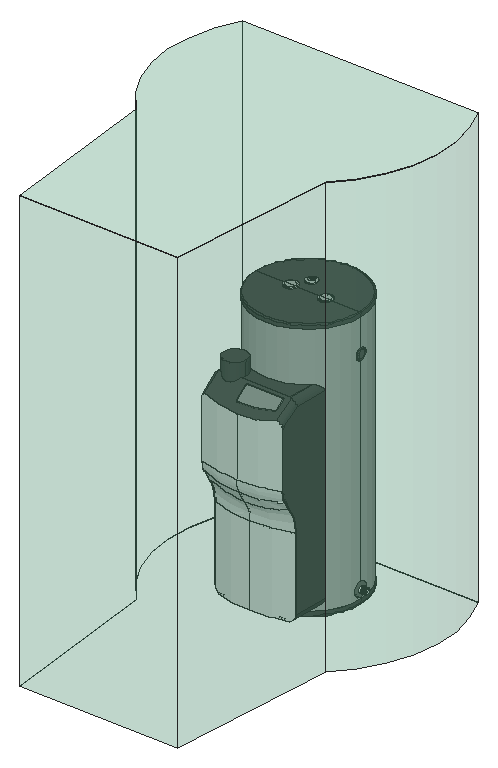
Revit family "Innovo GB_IR 20 160 GB NAT", category Mechanical Equipment, Revit 2015
Parameters (values of type "IR-20-160 GB NAT")
  Workspace Radius = Diameter + 170 mm  # 780 mm
  Workspace Height = Height + 1000 mm  # 2545 mm
  Workspace Front Distance = 1000 mm
  Working only during off-peak hour = no
  Width = Diameter  # 610 mm
  Workspace [instance] = yes
  Water heating energy efficiency class (2) = "-"
  Water heating energy efficiency class (1) = "A"  # constant formula
  Water heating energy efficiency (2) = "-"
  Water heating energy efficiency (1) = "92%"
  Warranty on tank = "36 months"  # constant formula
  Warranty on parts = "12 months"  # constant formula
  Voltage = 230 V  # constant formula
  Valve Height 02 = if(and(Height = 1745 mm, Diameter = 675 mm), 1518 mm, if(and(Height = 1745 mm, Diameter = 610 mm), 1534 mm, if(Height = 1545 mm, 1328 mm, 1070 mm)))  # 1328 mm
  Valve Height 01 = if(and(Diameter > 560 mm), 693 mm, 604 mm)  # 693 mm
  URL = "www.aosmith.co.uk"
  Type of Packaging = "Carton and Wood"  # constant formula
  Transport Weight = 136 kg
  Trade mark = "A.O. Smith"  # constant formula
  Thermostat temperature setting = 65 °C  # constant formula
  T&P Connection Rp = 1"
  Storage Capacity = 245.0 L
  Standard Set For = "G31"
  Stand-by Loss - daily (24h) = 0 W
  Stand-by Loss = 0 W
  Smart control = no
  Serial Number = "8717449286309"
  Seasonal Energy Efficiency Rating = [Energy Efficiency Rating (Hs, acc NEN-EN 89-1999)]  # 95
  Recovery Rate @ ΔT = 70°C = 380.0 L/s
  Recovery Rate @ ΔT = 55°C = 480.0 L/s
  Recovery Rate @ ΔT = 50°C = 530.0 L/s
  Recovery Rate @ ΔT = 44°C = 600.0 L/s
  Recovery Rate @ ΔT = 28°C = 960.0 L/s
  Product Instruction Link = ""
  Product Documentation Link = ""
  Precaustions during assembling, installation or maintenance = "see User, Installation, Service and Maintenance Manual"  # constant formula
  Power Consumption (peak) = 105 W
  Power Consumption (nominal) = 85 W
  Phase = 1
  Packaging Width = 786 mm  # constant formula
  Packaging Length = 946 mm  # constant formula
  Packaging Height = 1695 mm
  Other load profile = "-"
  Operating Weight = 381 kg
  Nominal Output = "30100"
  Nominal Heat Input (Net) = "29000"
  Nominal Heat Input (Gross) = "31500"
  Noice-level dB (A) = "<45"  # constant formula
  NOx Emissions mg/kWh = "103.0/37.0"
  NOx Emissions (air free, 0% O2) ppm = "63.0/23.0"
  Model identifier = "IR-32-245"
  Model = "IR-32-325 GB LP"
  Min. Setpoint = 40 °C  # constant formula
  Max. Setpoint = 85 °C  # constant formula
  Max. Operating Pressure = 800000.0 Pa
  Max. Flue Gas Outlet Temperature = 65 °C
  Manufacturer Number = "E 7110"  # constant formula
  Manufacturer = "A.O. Smith Water Products Company b.v."  # constant formula
  Maintenance Interval = "12 months"  # constant formula
  Load profile = "XXL"
  Length = 780 mm  # constant formula
  Insulation Thickness = 44 mm
  Installation Type = "B23/C13/C33/C43/C53/C63"  # constant formula
  Indoor sound power level = "58 dB"
  Hot / Warm Water Connection R = 1"
  Height Warm Water Outlet = 1545 mm
  Height Gas Connection = 920 mm
  Height Flue Outlet = 1345 mm
  Height Cold Water Inlet = 170 mm
  Height Air Inlet = 1345 mm
  Height = 1545 mm
  Heating Up Time @ ΔT = 70°C = "31"
  Heating Up Time @ ΔT = 55°C = "24"
  Heating Up Time @ ΔT = 50°C = "22"
  Heating Up Time @ ΔT = 44°C = "20"
  Heating Up Time @ ΔT = 28°C = "13"
  Gas Supply Pressure = 3700.0 Pa
  Gas Flow Rate - Volume ltr/hr = "n.a."
  Gas Flow Rate - Mass kg/h = "2.3"
  Gas Connection R = 15"  # constant formula
  Gas Category = "II2E3P"  # constant formula
  Frequency = 50 Hz  # constant formula
  Flue Diameter - water heater = "80/125 mm/mm"  # constant formula
  Flue Diameter - parallel system = "2x80"  # constant formula
  Flue Diameter - concentric system = "80/125 mm/mm"  # constant formula
  Energy Efficiency Rating (Hs, acc NEN-EN 89-1999) = 95
  Energy Efficiency Rating (Hi, acc NEN-EN 89-1999) = 106
  Empty Weight = 120 kg
  Draw-off Capacity @ ΔT = 70°C after 90 min. = 710.0 L
  Draw-off Capacity @ ΔT = 70°C after 60 min. = 490.0 L
  Draw-off Capacity @ ΔT = 70°C after 30 min. = 330.0 L
  Draw-off Capacity @ ΔT = 70°C after 120 min. = 900.0 L
  Draw-off Capacity @ ΔT = 55°C after 90 min. = 930.0 L
  Draw-off Capacity @ ΔT = 55°C after 60 min. = 690.0 L
  Draw-off Capacity @ ΔT = 55°C after 30 min. = 440.0 L
  Draw-off Capacity @ ΔT = 55°C after 120 min. = 1200.0 L
  Draw-off Capacity @ ΔT = 50°C after 90 min. = 1100.0 L
  Draw-off Capacity @ ΔT = 50°C after 60 min. = 760.0 L
  Draw-off Capacity @ ΔT = 50°C after 30 min. = 500.0 L
  Draw-off Capacity @ ΔT = 50°C after 120 min. = 1300.0 L
  Draw-off Capacity @ ΔT = 44°C after 90 min. = 1200.0 L
  Draw-off Capacity @ ΔT = 44°C after 60 min. = 870.0 L
  Draw-off Capacity @ ΔT = 44°C after 30 min. = 570.0 L
  Draw-off Capacity @ ΔT = 44°C after 120 min. = 1500.0 L
  Draw-off Capacity @ ΔT = 28°C after 90 min. = 1900.0 L
  Draw-off Capacity @ ΔT = 28°C after 60 min. = 1400.0 L
  Draw-off Capacity @ ΔT = 28°C after 30 min. = 930.0 L
  Draw-off Capacity @ ΔT = 28°C after 120 min. = 2400.0 L
  Drain Valve Connection Rp = 3/4"  # constant formula
  Diameter = 610 mm
  Destination / Country = "UK & Ireland"  # constant formula
  Description = "Condensing High Efficiency Storage Water Heater"  # constant formula
  Default Setpoint = 65 °C  # constant formula
  Created By = "http://www.cadcompany.nl/"
  Condens Discharge Connection = 40 mm  # constant formula
  Cold Water Connection R = 3/4"  # constant formula
  Co2 Emissions (tol. +/- 1.0) vol% = "10"
  CE-PIN = "0063CQ3037"  # constant formula
  BIM Content Developer = "CAD & Company"  # constant formula
  Assembly Code = "D3010"
  Annual fuel consumption (2) = "-"
  Annual fuel consumption (1) = "21 GJ GCV"
  Annual electricity consumption (2) = "-"
  Annual electricity consumption (1) = "44 kWh"
  APS Pressure < = 210.0 Pa
  2nd Maintenance (general maintenance) = "12 months after installation"  # constant formula
  1e Maintenance (check-up) = "3 months after installation"  # constant formula
Reference planes
  plane 1 "Center (Front/Back)": y = 0
  plane 2: z = 0
  plane 3 "Center (Left/Right)": x = 0
  plane 4 "Pipe": through (-383.901, 912.349, 194.799) normal (-0.0879, -0.0879, 0.9923)
  plane 5 "footing": y = 118.925
  plane 6 "footing front": y = -237.85
  plane 7: x = -305
  plane 8: x = 305
  plane 9: z = 1545
Forms (mm)
  Revolve 1, solid, material "RAL 9005", detail levels medium+fine
    sketch origin (0, -237.85, 0) x (-1, 0, 0) y (0, 0, 1)
      loop
        line (0, 28.9) -> (-15, 28.9) -> (-15, 26.4) -> (-8.671, 26.4) -> (-8.671, 18) -> (-5.686, 18) -> (-6.626, 17.06) -> (-6.626, 12.06) -> (-8.671, 12.06) -> (-8.671, 10) -> (-10.031, 10) -> (-23.271, 5.181)
        arc (-23.271, 5.181) -> (-23.763, 4.836) -> (-24.017, 4.293) r 1.159
        line (-24.017, 4.293) -> (-24.017, 1.03)
        arc (-24.017, 1.03) -> (-23.715, 0.302) -> (-22.986, 0) r 1.03
        line (-22.986, 0) -> (0, 0) -> (0, 28.9)
      axis (0, 28.9) -> (0, 0)
    angle from 0 to 360
  Revolve 2, solid, material "RAL 9005", detail levels medium+fine
    sketch origin (0, 118.925, 0) x (-1, 0, 0) y (0, 0, 1)
      loop
        line (-205.984, 28.9) -> (-220.984, 28.9) -> (-220.984, 26.4) -> (-214.655, 26.4) -> (-214.655, 18) -> (-211.67, 18) -> (-212.61, 17.06) -> (-212.61, 12.06) -> (-214.655, 12.06) -> (-214.655, 10) -> (-216.015, 10) -> (-229.256, 5.181)
        arc (-229.256, 5.181) -> (-229.747, 4.836) -> (-230.001, 4.293) r 1.159
        line (-230.001, 4.293) -> (-230.001, 1.03)
        arc (-230.001, 1.03) -> (-229.699, 0.302) -> (-228.971, 0) r 1.03
        line (-228.971, 0) -> (-205.984, 0) -> (-205.984, 28.9)
      axis (-205.984, 28.9) -> (-205.984, 0)
    angle from 0 to 360
  Revolve 3, solid, material "RAL 9005", detail levels medium+fine
    sketch origin (0, 118.925, 0) x (-1, 0, 0) y (0, 0, 1)
      loop
        line (204.016, 28.9) -> (189.016, 28.9) -> (189.016, 26.4) -> (195.345, 26.4) -> (195.345, 18) -> (198.33, 18) -> (197.39, 17.06) -> (197.39, 12.06) -> (195.345, 12.06) -> (195.345, 10) -> (193.985, 10) -> (180.744, 5.181)
        arc (180.744, 5.181) -> (180.253, 4.836) -> (179.999, 4.293) r 1.159
        line (179.999, 4.293) -> (179.999, 1.03)
        arc (179.999, 1.03) -> (180.301, 0.302) -> (181.029, 0) r 1.03
        line (181.029, 0) -> (204.016, 0) -> (204.016, 28.9)
      axis (204.016, 28.9) -> (204.016, 0)
    angle from 0 to 360
Lines and regions (mm)
  symbolic lines
    curve 1: line (0, 280.06, 0) -> (0, -280.06, 0)
    curve 2: line (-280.06, 0, 0) -> (280.06, 0, 0)
  symbolic lines, style "Workspace"
    curve 3: line (681.142, 380.06, 0) -> (-681.142, 380.06, 0)
    curve 4: arc (-681.142, 380.06, 0) -> (-771.826, -112.627, 0) -> (-544.132, -558.856, 0) r 780
    curve 5: line (-544.132, -558.856, 0) -> (-454.283, -1517.825, 0)
    curve 6: line (-454.283, -1517.825, 0) -> (456.53, -1517.825, 0)
    curve 7: line (456.53, -1517.825, 0) -> (546.343, -556.695, 0)
    curve 8: arc (546.343, -556.695, 0) -> (772.048, -111.097, 0) -> (681.142, 380.06, 0) r 780
Dimensions and locks
  plane 5 "footing" to plane 1 "Center (Front/Back)" = 118.925 mm
  plane 1 "Center (Front/Back)" to plane 6 "footing front" = 237.85 mm
  "Diameter": plane 7 to plane 8
  equal spacing: plane 7, plane 3 "Center (Left/Right)", plane 8
  "Height": plane 9 to plane 2
  "Workspace Front Distance": curve 6 to nested 3
  "Workspace Radius": radius of curve 4
  "Workspace Radius": radius of curve 8
  aligned and locked: level to plane 2
  aligned and locked: nested 3 to Revolve 1 sketch curve
  aligned and locked: plane 3 "Center (Left/Right)" to Revolve 1 sketch curve
  aligned and locked: nested 3 to plane 1 "Center (Front/Back)"
  aligned and locked: plane 3 "Center (Left/Right)" to nested 3
  aligned and locked: nested 1 to plane 8
  aligned and locked: nested 5 to plane 8
  aligned and locked: nested 2 to plane 7
  aligned and locked: nested 4 to plane 7
  aligned and locked: nested 7 to plane 7
  aligned and locked: nested 8 to plane 3 "Center (Left/Right)"
  aligned and locked: plane 1 "Center (Front/Back)" to nested 8
  aligned and locked: nested 8 to nested 3
  aligned and locked: curve 5 to nested 8
  aligned and locked: curve 7 to nested 8
  aligned and locked: curve 3 to nested 8
Automatic sketch dimensions
  Revolve 1 sketch curve to level = 0 mm
  plane 3 "Center (Left/Right)" to Revolve 1 sketch curve = 5.686 mm
  Revolve 1 sketch curve to Revolve 1 sketch curve = 0.94 mm  (x2)
  Revolve 1 sketch curve to Revolve 1 sketch curve = 2.046 mm  (x2)
  Revolve 1 sketch curve to Revolve 1 sketch curve = 1.359 mm
  Revolve 1 sketch curve to Revolve 1 sketch curve = 6.329 mm
  level to Revolve 1 sketch curve = 4.091 mm
  Revolve 1 sketch curve to Revolve 1 sketch curve = 12.844 mm
  level to Revolve 1 sketch curve = 1.03 mm
  Revolve 1 sketch curve to Revolve 1 sketch curve = 0.111 mm
  level to Revolve 1 sketch curve = 5.181 mm
  Revolve 1 sketch curve to Revolve 1 sketch curve = 0.745 mm
  level to Revolve 1 sketch curve = 10 mm
  Revolve 1 sketch curve to Revolve 1 sketch curve = 2.06 mm
  Revolve 1 sketch curve to Revolve 1 sketch curve = 5 mm
  Revolve 1 sketch curve to Revolve 1 sketch curve = 8.4 mm
  Revolve 1 sketch curve to Revolve 1 sketch curve = 2.5 mm
  Revolve 1 sketch curve to level = 19.635 mm
  Revolve 1 sketch curve to Revolve 1 sketch curve = 46.465 mm
  Revolve 2 sketch curve to level = 0 mm
  level to Revolve 2 sketch curve = 1.03 mm
  Revolve 2 sketch curve to plane 8 = 74.999 mm
  level to Revolve 2 sketch curve = 5.181 mm
  Revolve 2 sketch curve to Revolve 2 sketch curve = 0.745 mm
  Revolve 2 sketch curve to Revolve 2 sketch curve = 0.397 mm
  Revolve 2 sketch curve to Revolve 2 sketch curve = 8.271 mm
  Revolve 2 sketch curve to Revolve 2 sketch curve = 13.241 mm
  Revolve 2 sketch curve to Revolve 2 sketch curve = 1.359 mm
  Revolve 2 sketch curve to Revolve 2 sketch curve = 6.329 mm
  Revolve 2 sketch curve to Revolve 2 sketch curve = 2.046 mm
  level to Revolve 2 sketch curve = 18 mm
  Revolve 2 sketch curve to Revolve 2 sketch curve = 0.94 mm  (x2)
  Revolve 2 sketch curve to Revolve 2 sketch curve = 8.671 mm
  Revolve 2 sketch curve to Revolve 2 sketch curve = 1.089 mm
  Revolve 2 sketch curve to Revolve 2 sketch curve = 8 mm
  Revolve 2 sketch curve to Revolve 2 sketch curve = 2.06 mm
  Revolve 2 sketch curve to Revolve 2 sketch curve = 8.4 mm
  Revolve 2 sketch curve to Revolve 2 sketch curve = 2.5 mm
  Revolve 2 sketch curve to Revolve 2 sketch curve = 0 mm
  Revolve 2 sketch curve to level = 19.635 mm
  Revolve 2 sketch curve to Revolve 2 sketch curve = 46.465 mm
  Revolve 3 sketch curve to level = 0 mm
  level to Revolve 3 sketch curve = 1.03 mm
  Revolve 3 sketch curve to plane 7 = 125.001 mm
  level to Revolve 3 sketch curve = 5.181 mm
  Revolve 3 sketch curve to Revolve 3 sketch curve = 0.745 mm
  Revolve 3 sketch curve to Revolve 3 sketch curve = 0.397 mm
  Revolve 3 sketch curve to Revolve 3 sketch curve = 8.271 mm
  Revolve 3 sketch curve to Revolve 3 sketch curve = 13.241 mm
  Revolve 3 sketch curve to Revolve 3 sketch curve = 1.359 mm
  Revolve 3 sketch curve to Revolve 3 sketch curve = 6.329 mm
  Revolve 3 sketch curve to Revolve 3 sketch curve = 2.046 mm
  level to Revolve 3 sketch curve = 18 mm
  Revolve 3 sketch curve to Revolve 3 sketch curve = 0.94 mm  (x2)
  Revolve 3 sketch curve to Revolve 3 sketch curve = 8.671 mm
  Revolve 3 sketch curve to Revolve 3 sketch curve = 1.089 mm
  Revolve 3 sketch curve to Revolve 3 sketch curve = 8 mm
  Revolve 3 sketch curve to Revolve 3 sketch curve = 2.06 mm
  Revolve 3 sketch curve to Revolve 3 sketch curve = 8.4 mm
  Revolve 3 sketch curve to Revolve 3 sketch curve = 2.5 mm
  Revolve 3 sketch curve to Revolve 3 sketch curve = 0 mm
  Revolve 3 sketch curve to level = 19.635 mm
  Revolve 3 sketch curve to Revolve 3 sketch curve = 46.465 mm
  curve 4 to curve 8 = 0 mm  (x2)
  plane 1 "Center (Front/Back)" to curve 2 = 0 mm
  curve 1 to plane 3 "Center (Left/Right)" = 0 mm
  plane 1 "Center (Front/Back)" to curve 4 = 0 mm
  curve 4 to plane 3 "Center (Left/Right)" = 0 mm
  curve 2 to plane 7 = 24.94 mm
  curve 2 to plane 8 = 24.94 mm
  curve 1 to plane 6 "footing front" = 42.21 mm
  plane 5 "footing" to curve 1 = 161.135 mm
Nested families
  nested 1: "Valve" at (305, -0.38, 1328) x (0, 1, 0) z (0, 0, 1), built-in parameter 1001364 <- "Valve Height 02", type "Valve"
  nested 2: "Drain Valve" at (-305, 0, 1328), built-in parameter 1001364 <- "Valve Height 02", type "Drain Valve"
  nested 3: "Housing Mother Housing S 57 (external)" at (0, -299.886, 0), type "Housing Mother_Housing S_57"
    with radius 305 mm, distance to boiler center 154 mm, diameter 610 mm
  nested 4: "Drain Valve" at (-305, 0, 177), type "Drain Valve"
  nested 5: "Drain Valve" at (305, 0, 107) x (-1, 0, 0) z (0, 0, 1), type "Drain Valve"
  nested 6: "Boiler" at (0, 0, 0), height <- "Height", type "Boiler"
    with height 1545 mm, radius 305 mm, Diameter 610 mm
  nested 7: "Drain Valve" at (-305, 0, 693), built-in parameter 1001364 <- "Valve Height 01", type "Drain Valve"
  nested 8: "Innovo_workspace" at (0, 0, 0), Workspace <- "Workspace", Workspace Distance Front <- "Workspace Front Distance", Workspace Height <- "Workspace Height", Workspace Radius <- "Workspace Radius", type "Workspace"
    with Workspace Radius 780 mm, Workspace Height 2545 mm, Workspace Distance Front 1000 mm, Workspace yes, Center to Front 517.825 mm
Connectors
  piping at (339.826, 0, 107), diameter 19.05, driven by "Drain Valve Connection Rp"
    settings: on nested 5, index 1, connector inside diameter 24", connector length 0 mm, flow factor 0, pipe flow 0.0 L/s, pressure drop 0.0 Pa, fitting loss kfactor 0, connector angle 0.00°, fixture units 0, engagement length 0 mm, angle of deflection 0.00°, flow configuration 0, flow direction 0, fitting loss method 0, system type 19, joint type 0, gender type 0, connector reference index -1, connector utility 0, adjustable connector no, is connector primary yes, connector description ""
  hvac at (-147.013, -346.326, 1310.674)
    settings: on nested 3, index 2, duct flow 0.0 L/s, flow factor 0, pres drop 0.0 Pa, loss coef 0, conn angle 0.00°, conn width 304.8 mm, conn height 304.8 mm, conn diameter 125 mm, duct sys type 4, conn prof type 0, flow config 0, flow direction 0, loss method 0, conn ref index -1, conn util no, is conn primary yes, conn desc ""
Definition of nested family "Valve"
  Parameters (values of type "Valve")
    Type Comments = "T&P valve (internal)"
    Manufacturer = "A.O. Smith"
  Reference planes
    plane 1 "Center (Front/Back)": y = 0
    plane 2: z = 0
    plane 3 "Center (Left/Right)": x = 0
  Forms (mm)
    Extrusion 1, solid, detail levels fine
      sketch origin (0, 0, 0) x (1, 0, 0) y (0, 0, 1)
        loop
          circle (0, 0) r 31.5
      from -2.271 to 1.4
    Sweep 2, solid, detail levels fine
      path origin (0, -1.4, 0) x (1, 0, 0) y (0, 0, 1)
        loop
          circle (0, 0) r 31.5
      profile origin (0, -1.4, 31.5) x (0, 0, -1) y (0, -1, 0)
        loop
          line (7.3, 0) -> (7.3, 3) -> (0, 0) -> (7.3, 0)
  Dimensions and locks
    aligned and locked: level to plane 2
Definition of nested family "Drain Valve"
  Reference planes
    plane 1 "Center (Front/Back)": y = 0
    plane 2: z = 0
    plane 3 "Center (Left/Right)": x = 0
  Forms (mm)
    Revolve 1, solid, detail levels medium+fine
      sketch origin (0, 0, 0) x (1, 0, 0) y (0, 0, 1)
        loop
          line (-33.442, 15.696) -> (-34.826, 14.329) -> (-34.93, 12.731) -> (-16.555, 12.731) -> (-16.555, 0) -> (15.787, 0) -> (15.787, 18.3) -> (-14.4, 18.3) -> (-17.148, 15.533) -> (-18.729, 16.697) -> (-20.091, 15.333) -> (-21.672, 16.496) -> (-23.034, 15.133) -> (-24.614, 16.296) -> (-25.976, 14.932) -> (-27.557, 16.096) -> (-28.919, 14.732) -> (-30.5, 15.896) -> (-31.862, 14.532) -> (-33.442, 15.696)
        axis (-34.93, 0) -> (15.787, 0)
      angle from 0 to 360
  Dimensions and locks
    aligned and locked: level to plane 2
  Nested families
    nested 1: "Rubber sealing" at (2.592, -0.155, 0) x (0.0023, -1, 0) z (0, 0, 1), type "Rubber sealing", detail levels fine
  Definition of nested family "Rubber sealing"
    Reference planes
      plane 1 "Center (Front/Back)": y = 0
      plane 2: z = 0
      plane 3 "Center (Left/Right)": x = 0
    Forms (mm)
      Extrusion 1, solid, detail levels fine
        sketch origin (141.861, 319.581, 0) x (1, 0, 0) y (0, 1, 0)
          loop
            line (-216.354, -311.898) -> (-216.354, -313.94)
            arc (-216.354, -313.94) -> (-141.602, -321.581) -> (-66.861, -313.835) r 366.966
            line (-66.861, -313.835) -> (-66.861, -311.791)
            arc (-66.861, -311.791) -> (-141.602, -319.581) -> (-216.354, -311.898) r 364.966
        from -80 to 80
      Extrusion 2, void
        sketch origin (141.861, 319.581, 0) x (1, 0, 0) y (0, 0, 1)
          loop
            circle (-141.861, 0) r 13
          loop
            circle (-141.861, 0) r 110
          loop
            circle (-141.861, 0) r 40
        from 311.563 to 332.684
      Extrusion 3, void
        sketch origin (141.861, 319.581, 0) x (1, 0, 0) y (0, 0, 1)
          loop
            circle (-141.861, 0) r 18.25
        from 315.524 to 326.084
    Cuts and joins
      Extrusion 2, Extrusion 3 cuts Extrusion 1
    Dimensions and locks
      aligned and locked: level to plane 2
Definition of nested family "Housing Mother Housing S 57 (external)"
  Parameters (values of type "Housing Mother_Housing S_57")
    radius [instance] = 280 mm
    distance to boiler center = if(diameter = 675 mm, 189 mm, if(diameter = 610 mm, 154 mm, 129 mm))  # 129 mm
    diameter = 560 mm
  Reference planes
    plane 1 "Center (Front/Back)": y = 0
    plane 2: z = 0
    plane 3 "Center (Left/Right)": x = 0
    plane 4 "left": through (-245.286, 145.886, 1200) normal (0.9994, 0.0349, 0)
    plane 5: y = -217.939
    plane 6: y = 145.886
    plane 7: z = 1232.6
    plane 8: z = 65.89
    plane 9 "right": through (245.286, 145.886, 1200) normal (0.9994, -0.0349, 0)
    plane 10 "display": through (0, -90.37, 1221.196) normal (0, -0.5736, 0.8192)
    plane 11 "Potentiostat": z = 867.899
    plane 12 "boiler center": y = 274.886
    plane 13: x = -280
    plane 14: x = 280
  Forms (mm)
    Extrusion 1, solid
      sketch origin (0, 0, 0) x (1, 0, 0) y (0, 1, 0)
        loop
          line (-245.286, 145.886) -> (-232.581, -217.939) -> (232.581, -217.939) -> (245.286, 145.886)
          arc (245.286, 145.886) -> (0, 0.923) -> (-245.286, 145.886) r 280
      from 0 to 1232.6
    Sweep 2, void
      path origin (0, 0, 0) x (0, 1, 0) y (0, 0, 1)
        loop
          line (-217.939, 1232.6) -> (-217.939, 795.555)
          arc (-217.939, 795.555) -> (-212.387, 754.285) -> (-197.694, 715.322) r 183.924
          arc (-197.694, 715.322) -> (-179.915, 684.628) -> (-159.106, 655.901) r 348.284
          arc (-159.106, 655.901) -> (-131.411, 600.328) -> (-121.88, 538.973) r 202.254
          line (-121.88, 538.973) -> (-121.88, 61.106)
      profile origin (0, -217.939, 1014.077) x (1, 0, 0) y (0, 1, 0)
        loop
          arc (0, 0) -> (-117.533, 9.941) -> (-231.728, 39.475) r 699.984
          arc (-231.728, 39.475) -> (-233.391, 40.705) -> (-234.07, 42.659) r 3.505
          line (-234.07, 42.659) -> (-254.062, 42.659) -> (-254.062, -142.593) -> (254.07, -142.593) -> (254.07, 42.659) -> (234.07, 42.659)
          arc (234.07, 42.659) -> (233.391, 40.705) -> (231.728, 39.475) r 3.505
          arc (231.728, 39.475) -> (117.533, 9.941) -> (0, 0) r 699.984
    Extrusion 3, void
      sketch origin (0, 0, 0) x (0, 1, 0) y (0, 0, 1)
        loop
          arc (102.864, 70.869) -> (99.804, 70.709) -> (96.874, 69.813) r 12.57
          arc (96.874, 69.813) -> (87.878, 66.533) -> (78.516, 64.529) r 69.114
          arc (78.516, 64.529) -> (76.41, 64.284) -> (74.294, 64.148) r 41.206
          arc (74.294, 64.148) -> (65.203, 64.335) -> (56.122, 64.782) r 318.661
          arc (56.122, 64.782) -> (30.585, 66.179) -> (5.028, 67.128) r 1456.581
          line (5.028, 67.128) -> (-84.534, 73.135)
          arc (-84.534, 73.135) -> (-86.363, 73.808) -> (-87.536, 75.365) r 3.455
          line (-87.536, 75.365) -> (-264.473, 75.365) -> (-264.473, 0) -> (160.886, 0) -> (160.886, 103.945) -> (145.886, 103.945)
          arc (145.886, 103.945) -> (145.104, 97.827) -> (142.923, 92.059) r 26.364
          arc (142.923, 92.059) -> (141.067, 88.936) -> (138.867, 86.045) r 31.715
          arc (138.867, 86.045) -> (135.576, 82.49) -> (132.021, 79.2) r 62.615
          arc (132.021, 79.2) -> (125.841, 74.697) -> (119.091, 71.103) r 54.444
          arc (119.091, 71.103) -> (116.371, 70.272) -> (113.531, 70.123) r 11.669
          line (113.531, 70.123) -> (102.864, 70.869)
      from -254.062 to 254.07
    Sweep 4, void
      path origin (0, 0, 0) x (1, 0, 0) y (0, 1, 0)
        loop
          line (-245.286, 145.886) -> (-232.581, -217.939)
      profile origin (-238.933, -36.027, 0) x (0.999391, 0.034899, 0) y (0, 0, 1)
        loop
          line (-4.454, 0) -> (47.084, 0) -> (47.084, 73.431)
          arc (47.084, 73.431) -> (14.222, 85.134) -> (0.255, 117.1) r 43.922
          line (0.255, 117.1) -> (-4.454, 117.1) -> (-4.454, 0)
    Sweep 5, void
      path origin (0, 0, 0) x (-1, 0, 0) y (0, 1, 0)
        loop
          line (-245.286, 145.886) -> (-232.581, -217.939)
      profile origin (238.933, -36.027, 0) x (0.999391, -0.034899, 0) y (0, 0, 1)
        loop
          line (4.454, 0) -> (4.454, 117.1) -> (-0.255, 117.1)
          arc (-0.255, 117.1) -> (-14.222, 85.134) -> (-47.084, 73.431) r 43.922
          line (-47.084, 73.431) -> (-47.084, 0) -> (4.454, 0)
    Sweep 6, void
      path origin (-239.899, -8.377, 0) x (-0.034899, 0.999391, 0) y (0, 0, 1)
        loop
          line (-209.69, 1141.272) -> (-79.18, 1232.6) -> (154.358, 1232.6)
      profile origin (-241.211, 29.188, 1232.6) x (0, 0, 1) y (0.999391, 0.034899, 0)
        loop
          line (-45, -30) -> (75, -30) -> (75, 0) -> (75, 55) -> (2.799, 55) -> (-1.253, 35.128)
          arc (-1.253, 35.128) -> (-16.771, 9.564) -> (-45, -0.308) r 44.287
          line (-45, -0.308) -> (-45, -30)
    Sweep 7, void
      path origin (239.899, -8.377, 0) x (0.034899, 0.999391, 0) y (0, 0, 1)
        loop
          line (-209.69, 1141.272) -> (-79.18, 1232.6) -> (154.358, 1232.6)
      profile origin (241.211, 29.188, 1232.6) x (0, 0, -1) y (-0.999391, 0.034899, 0)
        loop
          line (-75, -25) -> (45, -25) -> (45, -0.308)
          arc (45, -0.308) -> (16.771, 9.564) -> (1.253, 35.128) r 44.287
          line (1.253, 35.128) -> (-2.799, 55) -> (-75, 55) -> (-75, -25)
    Extrusion 8, void
      sketch origin (0, 0, 0) x (0, 1, 0) y (0, 0, 1)
        loop
          line (-270, 1336.099) -> (-270, 1099.081) -> (68.497, 1336.099) -> (-270, 1336.099)
      from -425.038 to 444.42
    Extrusion 9, solid, detail levels medium+fine
      sketch origin (0, 0, 0) x (1, 0, 0) y (0, 1, 0)
        loop
          circle (-147.013, -46.44) r 65
      from 1163.174 to 1310.674
    Extrusion 10, void
      sketch origin (0, -603.506, 861.895) x (0, 0.819152, 0.573576) y (-1, 0, 0)
        loop
          arc (618.322, -173) -> (623.272, -170.95) -> (625.322, -166) r 7
          line (625.322, -166) -> (625.322, 35)
          arc (625.322, 35) -> (623.272, 39.95) -> (618.322, 42) r 7
          line (618.322, 42) -> (535.473, 42)
          arc (535.473, 42) -> (530.688, 40.11) -> (528.488, 35.46) r 7
          arc (528.488, 35.46) -> (531.569, -67.592) -> (554.18, -168.18) r 540
          arc (554.18, -168.18) -> (556.724, -171.668) -> (560.831, -173) r 7
          line (560.831, -173) -> (618.322, -173)
      from 0 to 137.286
    Sweep 11, solid, detail levels fine
      path origin (0, 0, 867.899) x (-1, 0, 0) y (0, -1, 0)
        loop
          line (309.749, -35.617) -> (204.371, -35.617)
          arc (204.371, -35.617) -> (196.509, -34.687) -> (189.082, -31.947) r 33.677
          line (189.082, -31.947) -> (-9.574, 69.274)
      profile origin (-257.06, 35.617, 867.899) x (0, 1, 0) y (0, 0, 1)
        loop
          circle (0, 0) r 7.316
        loop
          circle (0, 0) r 6.465
    Revolve 12, void
      sketch origin (0, 274.886, 0) x (-1, 0, 0) y (0, 0, 1)
        loop
          line (280, 1243.838) -> (0, 1243.838) -> (0, 54.9) -> (280, 54.9) -> (280, 1243.838)
        axis (0, 1243.838) -> (0, 54.9)
      angle from 0 to 360
  Cuts and joins
    Sweep 2, Extrusion 3, Sweep 4, Sweep 5, Sweep 6, Sweep 7, Extrusion 8, Extrusion 10, Revolve 12 cuts Extrusion 1
  Dimensions and locks
    plane 8 to plane 2 = 65.89 mm
    plane 7 to plane 8 = 1166.71 mm
    "distance to boiler center": plane 12 "boiler center" to plane 6
    "diameter": plane 14 to plane 13
    equal spacing: plane 14, plane 3 "Center (Left/Right)", plane 13
    "radius": plane 3 "Center (Left/Right)" to plane 13
    aligned and locked: level to plane 2
    aligned and locked: Extrusion 1 to plane 7
    aligned and locked: Extrusion 1 sketch curve to plane 5
    aligned and locked: Sweep 2 to Extrusion 3
    aligned and locked: Extrusion 3 to Sweep 2  (x2)
    aligned and locked: plane 7 to Sweep 2 sketch curve
    aligned and locked: plane 3 "Center (Left/Right)" to Revolve 12 sketch curve
    aligned and locked: Revolve 12 sketch curve to plane 3 "Center (Left/Right)"
    aligned and locked: plane 13 to Revolve 12 sketch curve
  Automatic sketch dimensions
    Extrusion 1 sketch curve to plane 4 "left" = 0 mm  (x2)
    Extrusion 1 sketch curve to plane 6 = 0 mm  (x2)
    Extrusion 1 sketch curve to plane 3 "Center (Left/Right)" = 0 mm
    Extrusion 1 sketch curve to plane 9 "right" = 0 mm
    plane 6 to Extrusion 1 sketch curve = 135.037 mm
    Sweep 2 sketch curve to plane 5 = 0 mm
    plane 5 to Sweep 2 sketch curve = 106.195 mm
    Sweep 2 sketch curve to plane 5 = 96.059 mm
    plane 1 "Center (Front/Back)" to Sweep 2 sketch curve = 34.053 mm
    plane 11 "Potentiostat" to Sweep 2 sketch curve = 6.417 mm
    Sweep 2 sketch curve to plane 6 = 33.705 mm
    Sweep 2 sketch curve to plane 11 "Potentiostat" = 68.615 mm
    Sweep 2 sketch curve to plane 11 "Potentiostat" = 72.345 mm
    Sweep 2 sketch curve to Sweep 2 sketch curve = 176.349 mm
    Sweep 2 sketch curve to Sweep 2 sketch curve = 0 mm  (x2)
    plane 8 to Sweep 2 sketch curve = 4.784 mm
    Extrusion 3 sketch curve to level = 0 mm
    Extrusion 3 sketch curve to plane 6 = 0 mm
    Extrusion 3 sketch curve to plane 6 = 26.363 mm
    Extrusion 3 sketch curve to Extrusion 3 sketch curve = 4.75 mm
    Extrusion 3 sketch curve to Extrusion 3 sketch curve = 5.179 mm
    Extrusion 3 sketch curve to plane 8 = 4.232 mm
    Extrusion 3 sketch curve to Extrusion 3 sketch curve = 0.814 mm
    Extrusion 3 sketch curve to plane 8 = 4.978 mm
    Extrusion 3 sketch curve to Extrusion 3 sketch curve = 10.667 mm
    Extrusion 3 sketch curve to Extrusion 3 sketch curve = 0.877 mm
    Extrusion 3 sketch curve to Extrusion 3 sketch curve = 17.827 mm
    Extrusion 3 sketch curve to Extrusion 3 sketch curve = 5.646 mm
    Extrusion 3 sketch curve to plane 6 = 69.562 mm
    Extrusion 3 sketch curve to Extrusion 3 sketch curve = 18.6 mm
    Extrusion 3 sketch curve to Extrusion 3 sketch curve = 22.538 mm
    Extrusion 3 sketch curve to plane 8 = 1.238 mm
    Extrusion 3 sketch curve to plane 1 "Center (Front/Back)" = 5.028 mm
    plane 1 "Center (Front/Back)" to Extrusion 3 sketch curve = 36.224 mm
    Extrusion 3 sketch curve to plane 8 = 10.692 mm
    plane 1 "Center (Front/Back)" to Extrusion 3 sketch curve = 84.302 mm
    Extrusion 3 sketch curve to plane 8 = 7.244 mm
    Extrusion 3 sketch curve to Extrusion 3 sketch curve = 0.231 mm
    Extrusion 3 sketch curve to Extrusion 3 sketch curve = 3.234 mm
    plane 5 to Extrusion 3 sketch curve = 46.534 mm
    plane 6 to Extrusion 3 sketch curve = 15 mm
    Extrusion 3 sketch curve to level = 1388.869 mm
    plane 8 to Extrusion 3 sketch curve = 7.561 mm
    Extrusion 3 sketch curve to Extrusion 3 sketch curve = 11.64 mm
    Extrusion 3 sketch curve to plane 8 = 38.054 mm
    Extrusion 3 sketch curve to Extrusion 3 sketch curve = 22.442 mm
    Extrusion 3 sketch curve to plane 8 = 39.432 mm
    Extrusion 3 sketch curve to Extrusion 3 sketch curve = 2.466 mm
    Extrusion 3 sketch curve to Extrusion 3 sketch curve = 14.17 mm
    Extrusion 3 sketch curve to Extrusion 3 sketch curve = 5.925 mm
    Extrusion 3 sketch curve to Extrusion 3 sketch curve = 6.186 mm
    Extrusion 3 sketch curve to Extrusion 3 sketch curve = 249.85 mm
    Extrusion 3 sketch curve to Extrusion 3 sketch curve = 0 mm  (x4)
    Extrusion 3 sketch curve to Extrusion 3 sketch curve = 6.845 mm
    plane 8 to Extrusion 3 sketch curve = 1.743 mm
    Sweep 4 sketch curve to plane 4 "left" = 0 mm  (x2)
    Sweep 4 sketch curve to plane 6 = 0 mm
    plane 5 to Sweep 4 sketch curve = 0 mm
    Sweep 4 sketch curve to level = 0 mm
    profile plane to Sweep 4 sketch curve = 4.454 mm
    Sweep 4 sketch curve to profile plane = 0.255 mm
    Sweep 4 sketch curve to Sweep 4 sketch curve = 43.922 mm
    Sweep 4 sketch curve to profile plane = 47.084 mm
    level to Sweep 4 sketch curve = 73.431 mm
    Sweep 4 sketch curve to Sweep 4 sketch curve = 43.669 mm
    Sweep 5 sketch curve to plane 6 = 0 mm
    Sweep 5 sketch curve to plane 9 "right" = 0 mm  (x2)
    plane 5 to Sweep 5 sketch curve = 0 mm
    Sweep 5 sketch curve to level = 0 mm
    profile plane to Sweep 5 sketch curve = 47.084 mm
    Sweep 5 sketch curve to Sweep 5 sketch curve = 2.907 mm
    profile plane to Sweep 5 sketch curve = 0.255 mm
    Sweep 5 sketch curve to profile plane = 4.454 mm
    level to Sweep 5 sketch curve = 73.431 mm
    Sweep 5 sketch curve to Sweep 5 sketch curve = 43.669 mm
    Sweep 6 sketch curve to plane 7 = 0 mm
    plane 7 to Sweep 6 sketch curve = 91.328 mm
    Sweep 6 sketch curve to Sweep 6 sketch curve = 130.509 mm
    Sweep 6 sketch curve to Sweep 6 sketch curve = 233.538 mm
    Sweep 6 sketch curve to plane 4 "left" = 0 mm
    profile plane to Sweep 6 sketch curve = 45 mm
    Sweep 6 sketch curve to Sweep 6 sketch curve = 0.354 mm
    profile plane to Sweep 6 sketch curve = 1.253 mm
    Sweep 6 sketch curve to profile plane = 2.799 mm
    Sweep 6 sketch curve to Sweep 6 sketch curve = 72.201 mm
    Sweep 6 sketch curve to plane 4 "left" = 0.308 mm
    Sweep 6 sketch curve to Sweep 6 sketch curve = 29.692 mm
    plane 4 "left" to Sweep 6 sketch curve = 35.128 mm
    plane 4 "left" to Sweep 6 sketch curve = 55 mm
    Sweep 7 sketch curve to plane 7 = 0 mm
    Sweep 7 sketch curve to plane 7 = 91.328 mm
    Sweep 7 sketch curve to Sweep 7 sketch curve = 130.509 mm
    Sweep 7 sketch curve to Sweep 7 sketch curve = 233.538 mm
    Sweep 7 sketch curve to plane 9 "right" = 25 mm
    profile plane to Sweep 7 sketch curve = 75 mm
    profile plane to Sweep 7 sketch curve = 2.799 mm
    Sweep 7 sketch curve to profile plane = 1.253 mm
    Sweep 7 sketch curve to Sweep 7 sketch curve = 43.393 mm
    Sweep 7 sketch curve to profile plane = 45 mm
    Sweep 7 sketch curve to plane 9 "right" = 0.308 mm
    plane 9 "right" to Sweep 7 sketch curve = 35.128 mm
    Sweep 7 sketch curve to Sweep 7 sketch curve = 19.872 mm
    plane 5 to Extrusion 8 sketch curve = 52.061 mm
    Extrusion 8 sketch curve to plane 1 "Center (Front/Back)" = 68.497 mm
    plane 7 to Extrusion 8 sketch curve = 133.519 mm
    Extrusion 8 sketch curve to plane 7 = 103.499 mm
    plane 1 "Center (Front/Back)" to Extrusion 9 sketch curve = 46.44 mm
    Extrusion 9 sketch curve to plane 3 "Center (Left/Right)" = 147.013 mm
    Extrusion 10 sketch curve to plane 3 "Center (Left/Right)" = 0 mm
    Extrusion 10 sketch curve to plane 3 "Center (Left/Right)" = 35 mm
    Extrusion 10 sketch curve to Extrusion 10 sketch curve = 25.359 mm
    Extrusion 10 sketch curve to Extrusion 10 sketch curve = 57.491 mm
    Extrusion 10 sketch curve to plane 3 "Center (Left/Right)" = 42 mm
    Extrusion 10 sketch curve to Extrusion 10 sketch curve = 82.85 mm
    Extrusion 10 sketch curve to Extrusion 10 sketch curve = 7 mm
    Extrusion 10 sketch curve to Extrusion 10 sketch curve = 442 mm
    plane 3 "Center (Left/Right)" to Extrusion 10 sketch curve = 166 mm
    Extrusion 10 sketch curve to Extrusion 10 sketch curve = 0 mm  (x2)
    Sweep 11 sketch curve to plane 1 "Center (Front/Back)" = 31.947 mm
    Sweep 11 sketch curve to plane 3 "Center (Left/Right)" = 189.082 mm
    Sweep 11 sketch curve to plane 1 "Center (Front/Back)" = 1.94 mm
    Sweep 11 sketch curve to Sweep 11 sketch curve = 15.289 mm
    plane 3 "Center (Left/Right)" to Sweep 11 sketch curve = 9.574 mm
    Sweep 11 sketch curve to Sweep 11 sketch curve = 105.378 mm
    plane 1 "Center (Front/Back)" to Sweep 11 sketch curve = 69.274 mm
    Sweep 11 sketch curve to Sweep 11 sketch curve = 0 mm  (x2)
    Sweep 11 sketch curve to plane 11 "Potentiostat" = 0 mm
    Sweep 11 sketch curve to profile plane = 0 mm
    plane 8 to Revolve 12 sketch curve = 10.99 mm
    Revolve 12 sketch curve to plane 7 = 11.238 mm
    Revolve 12 sketch curve to level = 366.045 mm
    Revolve 12 sketch curve to Revolve 12 sketch curve = 971.917 mm
    Sweep 2 sketch curve to plane 3 "Center (Left/Right)" = 0 mm
    profile plane to Sweep 2 sketch curve = 0 mm
    Sweep 2 sketch curve to plane 3 "Center (Left/Right)" = 0.016 mm
    Sweep 2 sketch curve to profile plane = 42.782 mm  (x2)
    Sweep 2 sketch curve to plane 3 "Center (Left/Right)" = 230.568 mm
    plane 3 "Center (Left/Right)" to Sweep 2 sketch curve = 0.016 mm
    plane 3 "Center (Left/Right)" to Sweep 2 sketch curve = 230.568 mm
    Sweep 2 sketch curve to Sweep 2 sketch curve = 3.502 mm  (x2)
    Sweep 2 sketch curve to Sweep 2 sketch curve = 20 mm
    profile plane to Sweep 2 sketch curve = 142.593 mm
    Sweep 2 sketch curve to Sweep 2 sketch curve = 0.122 mm  (x2)
    Sweep 2 sketch curve to Sweep 2 sketch curve = 657.203 mm
    Sweep 2 sketch curve to Sweep 2 sketch curve = 19.991 mm
    radius of Extrusion 9 sketch curve = 65 mm
    radius of Sweep 11 sketch curve = 7.316 mm
    radius of Sweep 11 sketch curve = 6.465 mm
  Nested families
    nested 1: "display" at (65.5, -130.939, 1192.79) x (-1, 0, 0) z (0, -0.5736, 0.8192), type "display"
  Definition of nested family "display"
    Parameters (values of type "display")
      Default Elevation = 1219.2 mm
    Reference planes
      plane 1 "Center (Front/Back)": y = 0
      plane 2: z = 0
      plane 3 "Center (Left/Right)": x = 0
    Forms (mm)
      Extrusion 1, solid, detail levels medium+fine
        sketch origin (-16.958, 11.842, -343.878) x (1, 0, 0) y (0, 0, -1)
          loop
            line (-233.523, -343.878) -> (-233.523, -346.592) -> (332.686, -346.592) -> (332.686, -343.878) -> (-233.523, -343.878)
        from -228.7 to 150.822
      Extrusion 2, void
        sketch origin (-16.958, 6.842, -343.878) x (1, 0, 0) y (0, 1, 0)
          loop
            line (-233.523, 155.822) -> (-233.523, -223.7) -> (332.686, -223.7) -> (332.686, 155.822) -> (-233.523, 155.822)
          loop
            arc (-90.542, -48.267) -> (-88.492, -53.216) -> (-83.542, -55.267) r 7
            line (-83.542, -55.267) -> (117.458, -55.267)
            arc (117.458, -55.267) -> (122.408, -53.216) -> (124.458, -48.267) r 7
            line (124.458, -48.267) -> (124.458, 34.583)
            arc (124.458, 34.583) -> (122.568, 39.368) -> (117.918, 41.568) r 7
            arc (117.918, 41.568) -> (14.866, 38.487) -> (-85.722, 15.876) r 540
            arc (-85.722, 15.876) -> (-89.21, 13.332) -> (-90.542, 9.224) r 7
            line (-90.542, 9.224) -> (-90.542, -48.267)
        from 328.878 to 363.083
    Cuts and joins
      Extrusion 2 cuts Extrusion 1
    Dimensions and locks
      aligned and locked: level to plane 2
Definition of nested family "Boiler"
  Parameters (values of type "Boiler")
    radius [instance] = 280 mm
    height [instance] = 1270 mm
    Diameter = 560 mm
  Reference planes
    plane 1 "Center (Front/Back)": y = 0
    plane 2: z = 0
    plane 3 "Center (Left/Right)": x = 0
    plane 4: z = 1243.838
    plane 5: z = 1270
    plane 6 "bottom": z = 28.9
    plane 7: z = 54.9
    plane 8 "top controle": y = 88
    plane 9: x = -280
    plane 10: x = 280
  Forms (mm)
    Revolve 1, solid
      sketch origin (0, 0, 0) x (1, 0, 0) y (0, 0, 1)
        loop
          line (0, 54.9) -> (-280, 54.9) -> (-280, 32.9)
          arc (-280, 32.9) -> (-278.828, 30.072) -> (-276, 28.9) r 4
          line (-276, 28.9) -> (0, 28.9) -> (0, 54.9)
        axis (0, 28.9) -> (0, 54.9)
      angle from 0 to 360
    Revolve 2, solid
      sketch origin (1.311, 0, 0) x (1, 0, 0) y (0, 0, 1)
        loop
          line (-278.86, 1243.838) -> (-278.86, 54.9) -> (-1.311, 54.9) -> (-1.311, 1243.838) -> (-278.86, 1243.838)
        axis (-1.311, 1243.838) -> (-1.311, 54.9)
      angle from 0 to 360
    Revolve 3, solid
      sketch origin (-9.205, 0, 377.212) x (-1, 0, 0) y (0, 0, 1)
        loop
          line (-148.904, 892.788) -> (-110.805, 892.788) -> (-110.805, 895.963) -> (-141.883, 895.963) -> (-148.904, 893.62) -> (-148.904, 892.788)
        axis (-110.805, 892.788) -> (-110.805, 895.963)
      angle from 0 to 360
    Revolve 4, solid
      sketch origin (0, 0, 718.065) x (1, 0, 0) y (0, 0, -1)
        loop
          line (0, -525.773) -> (-280, -525.773) -> (-280, -547.935)
          arc (-280, -547.935) -> (-278.828, -550.763) -> (-276, -551.935) r 4
          line (-276, -551.935) -> (0, -551.935) -> (0, -525.773)
        axis (0, -551.935) -> (0, -525.773)
      angle from 0 to 360
    Revolve 5, solid
      sketch origin (0, 88, 0) x (1, 0, 0) y (0, 0, 1)
        loop
          line (-19.051, 1270) -> (-19.051, 1271.074) -> (-32.63, 1275.604) -> (-32.63, 1271.117) -> (-37.266, 1271.117) -> (-38.383, 1270) -> (-19.051, 1270)
        axis (-50.8, 1270) -> (-50.8, 1275.604)
      angle from 0 to 360
    Revolve 6, solid
      sketch origin (-217.12, 0, 372.245) x (-1, 0, 0) y (0, 0, 1)
        loop
          line (-153.622, 897.755) -> (-115.52, 897.755) -> (-115.52, 900.93) -> (-146.626, 900.93) -> (-153.622, 898.596) -> (-153.622, 897.755)
        axis (-115.52, 897.755) -> (-115.52, 900.93)
      angle from 0 to 360
  Dimensions and locks
    "height": plane 5 to plane 2
    plane 6 "bottom" to plane 2 = 28.9 mm
    locked: plane 5 to plane 4 at 26.162
    locked: plane 1 "Center (Front/Back)" to plane 8 "top controle" at 88
    "Diameter": plane 10 to plane 9
    equal spacing: plane 10, plane 3 "Center (Left/Right)", plane 9
    "radius": plane 3 "Center (Left/Right)" to plane 9
    locked: plane 9 to Revolve 2 sketch curve at 2.452
    aligned and locked: level to plane 2
    aligned and locked: Revolve 2 sketch curve to plane 7
    aligned and locked: Revolve 2 sketch curve to plane 4
    aligned and locked: Revolve 1 sketch curve to plane 7
    aligned and locked: plane 6 "bottom" to Revolve 1 sketch curve
    aligned and locked: Revolve 4 sketch curve to plane 3 "Center (Left/Right)"
    aligned and locked: plane 5 to Revolve 4 sketch curve
    aligned and locked: Revolve 4 sketch curve to plane 4
    aligned and locked: plane 9 to Revolve 4 sketch curve
    aligned and locked: Revolve 1 sketch curve to plane 9
    aligned and locked: Revolve 2 sketch curve to plane 3 "Center (Left/Right)"
    aligned and locked: plane 3 "Center (Left/Right)" to Revolve 2 sketch curve
  Automatic sketch dimensions
    Revolve 1 sketch curve to plane 3 "Center (Left/Right)" = 0 mm  (x2)
    Revolve 1 sketch curve to Revolve 1 sketch curve = 4 mm
    Revolve 1 sketch curve to level = 40 mm
    Revolve 1 sketch curve to Revolve 1 sketch curve = 305.1 mm
    Revolve 2 sketch curve to level = 366.045 mm
    Revolve 2 sketch curve to plane 5 = 945.755 mm
    Revolve 3 sketch curve to plane 5 = 0 mm
    Revolve 3 sketch curve to plane 3 "Center (Left/Right)" = 139.699 mm
    plane 5 to Revolve 3 sketch curve = 3.175 mm
    Revolve 3 sketch curve to Revolve 3 sketch curve = 7.022 mm
    Revolve 3 sketch curve to Revolve 3 sketch curve = 31.078 mm
    Revolve 3 sketch curve to Revolve 3 sketch curve = 0.832 mm
    Revolve 3 sketch curve to Revolve 3 sketch curve = 0 mm
    Revolve 3 sketch curve to Revolve 3 sketch curve = 2.338 mm
    Revolve 3 sketch curve to Revolve 3 sketch curve = 4.487 mm
    Revolve 4 sketch curve to plane 3 "Center (Left/Right)" = 0 mm
    Revolve 4 sketch curve to Revolve 4 sketch curve = 4 mm
    Revolve 4 sketch curve to Revolve 4 sketch curve = 68.738 mm
    Revolve 4 sketch curve to Revolve 4 sketch curve = 305.1 mm
    Revolve 6 sketch curve to plane 5 = 0 mm
    plane 3 "Center (Left/Right)" to Revolve 6 sketch curve = 63.497 mm
    plane 5 to Revolve 6 sketch curve = 3.175 mm
    Revolve 6 sketch curve to Revolve 6 sketch curve = 6.997 mm
    Revolve 6 sketch curve to Revolve 6 sketch curve = 31.106 mm
    Revolve 6 sketch curve to Revolve 6 sketch curve = 0.84 mm
    Revolve 6 sketch curve to Revolve 6 sketch curve = 0 mm
    Revolve 6 sketch curve to Revolve 6 sketch curve = 7.216 mm
    Revolve 6 sketch curve to Revolve 6 sketch curve = 0.391 mm
    Revolve 5 sketch curve to Revolve 5 sketch curve = 13.578 mm
    Revolve 5 sketch curve to Revolve 5 sketch curve = 1.074 mm
    Revolve 5 sketch curve to Revolve 5 sketch curve = 12.417 mm
    Revolve 5 sketch curve to Revolve 5 sketch curve = 5.753 mm
    Revolve 5 sketch curve to plane 5 = 1.117 mm
    Revolve 5 sketch curve to Revolve 5 sketch curve = 1.117 mm
    plane 5 to Revolve 5 sketch curve = 4.396 mm
    Revolve 5 sketch curve to plane 5 = 0 mm
    Revolve 5 sketch curve to Revolve 5 sketch curve = 4.487 mm
    Revolve 5 sketch curve to plane 3 "Center (Left/Right)" = 38.383 mm
    Revolve 5 sketch curve to plane 5 = 5.604 mm
Definition of nested family "Innovo_workspace"
  Parameters (values of type "Workspace")
    Workspace Radius [instance] = 730 mm
    Workspace Height [instance] = 2270 mm
    Workspace Distance Front [instance] = 1000 mm
    Workspace [instance] = yes
    URL = "www.aosmith.nl"
    Model = ""
    Manufacturer = "A.O. Smith Water Products Company b.v."  # constant formula
    Description = ""
    Created By = ""
    Center to Front [instance] = 492.825 mm
    BIM Content Developer = "CAD & Company"  # constant formula
    Assembly Code = ""
  Reference planes
    plane 1 "Center (Front/Back)": y = 0
    plane 2: z = 0
    plane 3 "Center (Left/Right)": x = 0
    plane 4 "Pipe": through (-383.901, 912.349, 194.799) normal (-0.0879, -0.0879, 0.9923)
    plane 5 "front": y = -492.825
  Forms (mm)
    Extrusion 1, solid, visible <- "Workspace"
      sketch origin (0, 0, 0) x (1, 0, 0) y (0, 1, 0)
        loop
          line (456.53, -1492.825) -> (500.201, -531.695)
          arc (500.201, -531.695) -> (723.44, -97.643) -> (623.261, 380.06) r 730
          line (623.261, 380.06) -> (-623.261, 380.06)
          arc (-623.261, 380.06) -> (-723.227, -99.209) -> (-497.893, -533.856) r 730
          line (-497.893, -533.856) -> (-454.283, -1492.825) -> (456.53, -1492.825)
      from 0 to 2270 <- "Workspace Height"
  Lines and regions (mm)
    symbolic lines
      curve 1: line (0, 280.06, 0) -> (0, -280.06, 0)
      curve 2: line (-255.06, 0, 0) -> (255.06, 0, 0)
  Dimensions and locks
    locked: Extrusion 1 sketch curve to curve 1 at 100
    "Workspace Distance Front": plane 5 "front" to Extrusion 1
    "Center to Front": plane 1 "Center (Front/Back)" to plane 5 "front"
    "Workspace Radius": radius of Extrusion 1 sketch curve  (x2)
    aligned and locked: level to plane 2
  Automatic sketch dimensions
    plane 1 "Center (Front/Back)" to curve 2 = 0 mm
    curve 1 to plane 3 "Center (Left/Right)" = 0 mm
    plane 3 "Center (Left/Right)" to curve 2 = 255.06 mm
    curve 1 to plane 1 "Center (Front/Back)" = 280.06 mm
    curve 2 to plane 3 "Center (Left/Right)" = 255.06 mm
    plane 5 "front" to curve 1 = 212.765 mm
    Extrusion 1 sketch curve to Extrusion 1 sketch curve = 0 mm  (x2)
    plane 1 "Center (Front/Back)" to Extrusion 1 sketch curve = 0 mm
    Extrusion 1 sketch curve to plane 3 "Center (Left/Right)" = 0 mm
    Extrusion 1 sketch curve to plane 5 "front" = 41.031 mm
    Extrusion 1 sketch curve to plane 3 "Center (Left/Right)" = 454.283 mm
    plane 3 "Center (Left/Right)" to Extrusion 1 sketch curve = 456.53 mm
    Extrusion 1 sketch curve to plane 5 "front" = 38.869 mm
    Extrusion 1 sketch curve to Extrusion 1 sketch curve = 961.131 mm
